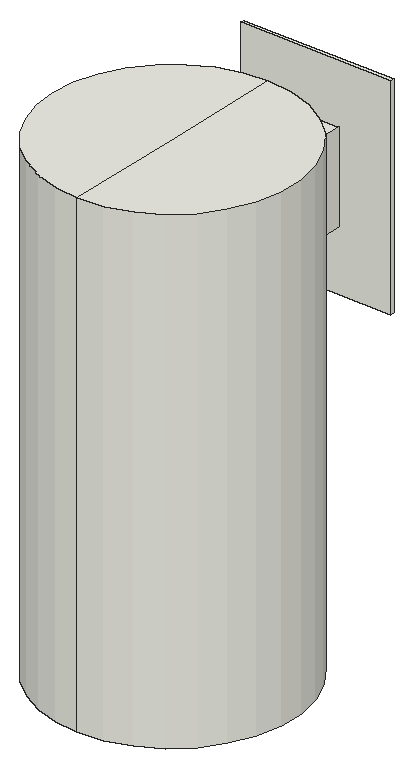
Revit family "CYBU816 - CF", category Lighting Fixtures, host Wall, Revit 2024
Family settings
  Host = Wall
  Round Connector Dimension = Use Diameter
  Part Type = Normal
  OmniClass Number = 23.80.70.00
  OmniClass Title = Lighting
  Always vertical = Yes
  Cut with Voids When Loaded = No
  Light Source = No
  Maintain Annotation Orientation = No
  Shared = No
  Room Calculation Point = No
Parameters
  Default Elevation = 0' - 0"
Reference planes (in)
  plane 1: y = 0
  plane 2 "Light Source Axis (F/B)": y = 8
  plane 3 "Light Source Axis (L/R)": x = -1.43133
  plane 4 "Light Source Elevation": z = 77.42225
Forms (in)
  Extrusion 1, solid, material "54"
    sketch origin (-1.43133, 0, 0) x (0, -1, 0) y (0, 0, 1)
      loop
        line (3, 80.92225) -> (3, 73.92225) -> (3.125, 73.92225) -> (3.125, 80.92225) -> (3, 80.92225)
    from -2.5 to 2.5
  Extrusion 2, solid, material "54"
    sketch origin (-1.43133, 0, 0) x (0, -1, 0) y (0, 0, 1)
      loop
        line (3.125, 78.92225) -> (3.125, 75.92225) -> (5.21941, 75.92225) -> (5.21941, 78.92225) -> (3.125, 78.92225)
    from -0.75 to 0.75
  Revolve 3, solid, material "54"
    sketch origin (-1.43133, 1.875, -0.375) x (0, -1, 0) y (0, 0, 1)
      loop
        line (7, 65.29725) -> (7.09375, 65.29725) -> (7.09375, 81.2035) -> (11, 81.2035) -> (11, 81.29725) -> (7, 81.29725) -> (7, 65.29725)
      axis (11, 81.29725) -> (11, 65.29725)
    angle from 0 to 360
Text (in)
  text "Placement Side" at (0, 40.15149, 123.01588), in view "Right"
  text "Placement Side" at (-70.3804, 28.46503, 0), in view "Ref. Level"
  text "Placement Side" at (0, 85.69064, 140.59947), in view "Left"
Dimensions and locks (in)
  aligned: level to host wall
